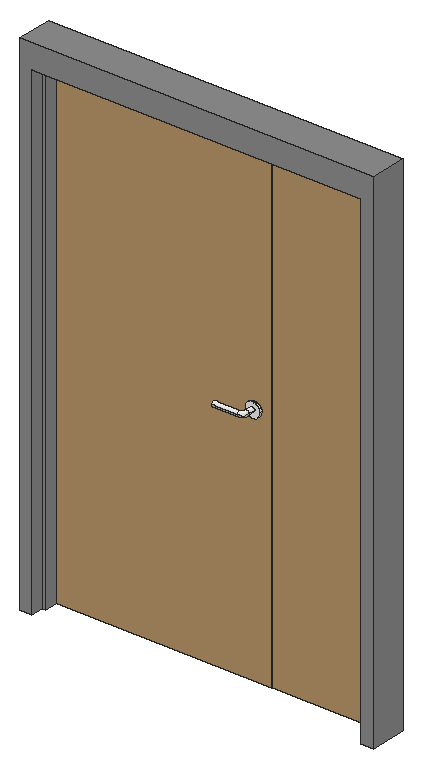
Revit family "M_Porta-Passagem-Irregular-Nivelada", category Portas, Revit 2019
Family settings
  Hospedeiro = Parede
  Número OmniClass = 23.30.10.00
  Título OmniClass = Doors
  Sempre na vertical = Sim
  Corte com vazios quando carregada = Não
  Compartilhado = Não
  Ponto de cálculo do ambiente = Não
Parameters (values of type "1350 x 2000mm")
  Painel com largura larga = 900 mm
  W = Largura - Painel com largura larga  # 450 mm
  Visual Light Transmittance = 0
  Espessura = 45 mm
  Resistência térmica (R) = 0.455703 (m²·K)/W
  Ângulo de abertura [instance] = 90.00°
  Altura do traçado = 1000 mm
  Solar Heat Gain Coefficient = 0
  Rough Width [instance] = Largura + Largura da abertura da moldura de alvenaria  # 1450 mm
  Rough Height [instance] = Altura + Altura da abertura da moldura de alvenaria  # 2100 mm
  Material do painel = Madeira - Bétula
  Moldura de alvenaria [instance] = yes
  Altura da abertura da moldura de alvenaria [instance] = if(Moldura de alvenaria, 100 mm, 30 mm)  # 100 mm
  Largura da abertura da moldura de alvenaria [instance] = if(Moldura de alvenaria, 100 mm, 60 mm)  # 100 mm
  Cálculo da inserção [instance] = if(Moldura de alvenaria, Inserção de alvenaria + 80 mm, 80 mm)  # 105 mm
  Inserção de alvenaria [instance] = 25 mm
  Altura = 2000 mm
  Fechamento da parede = Por hospedeiro
  Largura = 1350 mm
  Coeficiente de transferência de calor (U) = 2.19465 W/(m²·K)
  Função = Interior
  Material da moldura = Metal - Acabamento de pintura - Cinza
  Profundidade da moldura de alvenaria = 150 mm
  Moldura de Dry Wall [instance] = not(Moldura de alvenaria)  # no
  Material da maçaneta = Alumín. 1
  Código de montagem = "C1020300"
  Construção analítica = "Madeira"
Types (5, lengths in mm): name | W | Rough Width | Rough Height | Altura | Largura
  (no name) | 450 | 1450 | 2100 | 2000 | 1350
  1350 x 2000mm | 450 | 1450 | 2100 | 2000 | 1350
  1500 x 2000mm | 600 | 1600 | 2100 | 2000 | 1500
  1350 x 2100mm | 450 | 1450 | 2200 | 2100 | 1350
  1500 x 2100mm | 600 | 1600 | 2200 | 2100 | 1500
Reference planes
  plane 1 "Centro (Frente/Trás)": y = 0
  plane 2 "Centro (Esquerda/Direita)": x = 0
  plane 3 "Esquerda": x = -725
  plane 4 "Direita": x = 725
  plane 5 "Superior": z = 2100
  plane 6 "Exterior": y = 107.95
  plane 7 "Interior": y = -95.25
  plane 8 "Painel esquerdo da porta": x = -675
  plane 9 "Painel direito da porta": x = 675
  plane 10 "Topo do painel": z = 2000
  plane 11: z = 0
  plane 12: z = 0
  plane 13 "Traseira da porta": y = 37.95
  plane 14: z = 1000
  plane 15 "Frente da porta": y = 82.95
  plane 16: y = -67.05
  plane 17: y = 33.337
  plane 18: x = -659.125
  plane 19: y = -17.838
  plane 20: z = 2049.2
  plane 21: y = 187.95
  plane 22: z = 2050
  plane 23: x = 695.05
  plane 24: x = 744.05
  plane 25: y = 120.65
  plane 26: y = -107.95
  plane 27: x = 679.175
  plane 28: y = 33.187
  plane 29: y = -4.913
  plane 30: y = 63.625
  plane 31: y = 57.275
  plane 32: y = 60.45
  plane 33: x = 225
  plane 34: z = 1000
  plane 35: x = 98
Forms (mm)
  Extrusion 1, solid, material "Madeira - Bétula" <- "Material do painel"
    sketch origin (0, 0, 0) x (1, 0, 0) y (0, 0, 1)
      loop
        line (223.4, 2000) -> (-675, 2000) -> (-675, 0) -> (223.4, 0) -> (223.4, 2000)
    from -82.95 to -37.95
  Sweep 2, solid, material "Metal - Acabamento de pintura - Cinza" <- "Material da moldura", visible <- "Moldura de alvenaria"
    path origin (0, 107.95, 0) x (1, 0, 0) y (0, 0, 1)
      loop
        line (725, 0) -> (725, 2050) -> (-725, 2050) -> (-725, 0)
    profile origin (-725, 107.95, 1025) x (0, -1, 0) y (1, 0, 0)
      loop
        line (25, 50) -> (25, 0) -> (175, 0) -> (175, 50) -> (125.787, 50) -> (125.787, 65.875) -> (74.762, 65.875) -> (74.762, 50) -> (25, 50)
  Extrusion 3, solid, material "Metal - Acabamento de pintura - Cinza" <- "Material da moldura", visible <- "Moldura de alvenaria"
    sketch origin (0, 0, 0) x (0, 1, 0) y (0, 0, 1)
      loop
        line (82.95, 2100) -> (-67.05, 2100) -> (-67.05, 2049.2) -> (82.95, 2049.2) -> (82.95, 2100)
    from -725 to 725
  Sweep 4, solid, material "Metal - Acabamento de pintura - Cinza" <- "Material da moldura", visible <- "Moldura de Dry Wall"
    path origin (0, 107.95, 0) x (1, 0, 0) y (0, 0, 1)
      loop
        line (725, 0) -> (725, 2100) -> (-725, 2100) -> (-725, 0)
    profile origin (725, 107.95, 1050) x (-1, 0, 0) y (0, -1, 0)
      loop
        line (-19.05, -12.7) -> (29.95, -12.7) -> (29.95, 74.762) -> (45.825, 74.762) -> (45.825, 112.862) -> (29.95, 112.862) -> (29.95, 215.9) -> (-19.05, 215.9) -> (-19.05, 203.2) -> (0, 203.2) -> (0, 0) -> (-19.05, 0) -> (-19.05, -12.7)
  Extrusion 5, solid, material "Madeira - Bétula" <- "Material do painel"
    sketch origin (355.6, 0, 0) x (1, 0, 0) y (0, 0, 1)
      loop
        line (319.4, 2000) -> (-129, 2000) -> (-129, 0) -> (319.4, 0) -> (319.4, 2000)
    from -82.95 to -37.95
Cuts and joins
  joined: Sweep 2, Extrusion 3
Lines and regions (mm)
  Opening 1
    outline origin (-2286, -95.25, 0) x (1, 0, 0) y (0, 0, 1)
      loop
        line (1561, 0) -> (3011, 0) -> (3011, 2100) -> (1561, 2100) -> (1561, 0)
  Masking region 1, visible <- "Moldura de alvenaria", detail levels coarse+medium
    outline origin (0, 0, 0) x (1, 0, 0) y (0, 1, 0)
      loop
        line (-725, 82.95) -> (-725, -67.05) -> (-675, -67.05) -> (-675, 82.95) -> (-725, 82.95)
      loop
        line (725, 82.95) -> (675, 82.95) -> (675, -67.05) -> (725, -67.05) -> (725, 82.95)
  Masking region 2, visible <- "Moldura de alvenaria", detail levels fine
    outline origin (0, 0, 0) x (1, 0, 0) y (0, 1, 0)
      loop
        line (-725, 82.95) -> (-725, -67.05) -> (-675, -67.05) -> (-675, -17.837) -> (-659.125, -17.837) -> (-659.125, 33.188) -> (-675, 33.188) -> (-675, 82.95) -> (-725, 82.95)
      loop
        line (725, 82.95) -> (675, 82.95) -> (675, 33.188) -> (659.125, 33.188) -> (659.125, -17.837) -> (675, -17.837) -> (675, -67.05) -> (725, -67.05) -> (725, 82.95)
  Masking region 3, visible <- "Moldura de Dry Wall", detail levels coarse+medium
    outline origin (0, 0, 0) x (1, 0, 0) y (0, 1, 0)
      loop
        line (695.05, -95.25) -> (725, -95.25) -> (725, 107.95) -> (695.05, 107.95) -> (695.05, -95.25)
      loop
        line (-725, 107.95) -> (-725, -95.25) -> (-695.05, -95.25) -> (-695.05, 107.95) -> (-725, 107.95)
  Masking region 4, visible <- "Moldura de Dry Wall", detail levels fine
    outline origin (0, 0, 0) x (1, 0, 0) y (0, 1, 0)
      loop
        line (-744.05, 120.65) -> (-744.05, 107.95) -> (-725, 107.95) -> (-725, -95.25) -> (-744.05, -95.25) -> (-744.05, -107.95) -> (-695.05, -107.95) -> (-695.05, -4.913) -> (-679.175, -4.913) -> (-679.175, 33.187) -> (-695.05, 33.187) -> (-695.05, 120.65) -> (-744.05, 120.65)
      loop
        line (744.05, 107.95) -> (744.05, 120.65) -> (695.05, 120.65) -> (695.05, 33.187) -> (679.175, 33.187) -> (679.175, -4.913) -> (695.05, -4.913) -> (695.05, -107.95) -> (744.05, -107.95) -> (744.05, -95.25) -> (725, -95.25) -> (725, 107.95) -> (744.05, 107.95)
  symbolic lines, style "Giro da elevação"
    curve 1: line (-675, 107.95, 2000) -> (225, 107.95, 1000)
    curve 2: line (225, 107.95, 1000) -> (-675, 107.95, 0)
Text (mm)
  text "Exterior" at (-1904.17, 693.701, 0), in view "Nível de referência"
  text "Interior" at (-1904.17, -638.649, 0), in view "Nível de referência"
  text "Exterior" at (0, 1019.848, 3124.603), in view "Direita"
  text "Interior" at (0, -1635.541, 3124.603), in view "Direita"
  text "Interior" at (0, -787.806, 3124.376), in view "Esquerda"
  text "Exterior" at (0, 1386.095, 3124.376), in view "Esquerda"
Dimensions and locks
  equal spacing: plane 3 "Esquerda", plane 2 "Centro (Esquerda/Direita)", plane 4 "Direita"
  "Rough Height": level to plane 5 "Superior"
  equal spacing: plane 8 "Painel esquerdo da porta", plane 2 "Centro (Esquerda/Direita)", plane 9 "Painel direito da porta"
  "Largura": plane 8 "Painel esquerdo da porta" to plane 9 "Painel direito da porta"
  "Altura": level to plane 10 "Topo do painel"
  locked: plane 11 to plane 12 at 0
  "Rough Width": plane 3 "Esquerda" to plane 4 "Direita"
  "Espessura": plane 15 "Frente da porta" to plane 13 "Traseira da porta"
  "Profundidade da moldura de alvenaria": plane 15 "Frente da porta" to plane 16
  locked: plane 16 to plane 19 at 49.213
  locked: plane 8 "Painel esquerdo da porta" to plane 18 at 15.875
  locked: plane 20 to plane 5 "Superior" at 50.8
  locked: plane 6 "Exterior" to plane 21 at 80
  "Cálculo da inserção": plane 21 to plane 15 "Frente da porta"
  locked: plane 10 "Topo do painel" to plane 22 at 50
  locked: plane 4 "Direita" to plane 24 at 19.05
  locked: plane 6 "Exterior" to plane 25 at 12.7
  locked: plane 26 to plane 7 "Interior" at 12.7
  locked: plane 23 to plane 24 at 49
  plane 13 "Traseira da porta" to plane 28 to plane 29 = 4.763 mm locked, 38.1 mm locked
  locked: plane 27 to plane 23 at 15.875
  "Altura do traçado": plane 11 to plane 14
  equal spacing: plane 15 "Frente da porta", plane 32, plane 13 "Traseira da porta"
  locked: plane 32 to plane 31 at 3.175
  locked: plane 30 to plane 32 at 3.175
  "Painel com largura larga": plane 8 "Painel esquerdo da porta" to plane 33
  equal spacing: plane 12, plane 34, plane 10 "Topo do painel"
  locked: plane 35 to plane 33 at 127
  locked: plane 13 "Traseira da porta" to Sweep 2 sketch curve at 4.762
  locked: plane 33 to nested 3 at 75.406
  locked: nested 4 to plane 33 at 75.406
  locked: Extrusion 5 sketch curve to plane 33 at 1.6
  locked: plane 33 to Extrusion 1 sketch curve at 1.6
  aligned and locked: plane 3 "Esquerda" to Opening 1 sketch curve
  aligned and locked: plane 5 "Superior" to Opening 1 sketch curve  (x2)
  aligned and locked: Opening 1 sketch curve to plane 4 "Direita"
  aligned and locked: Opening 1 sketch curve to level
  aligned and locked: plane 6 "Exterior" to host wall
  aligned and locked: plane 7 "Interior" to host wall
  aligned and locked: plane 11 to level
  aligned and locked: Extrusion 1 sketch curve to plane 10 "Topo do painel"
  aligned and locked: Extrusion 1 sketch curve to plane 8 "Painel esquerdo da porta"
  aligned and locked: Extrusion 1 sketch curve to plane 12
  aligned and locked: Extrusion 1 to plane 13 "Traseira da porta"
  aligned and locked: nested 1 to plane 9 "Painel direito da porta"
  aligned and locked: nested 1 to plane 15 "Frente da porta"
  aligned and locked: nested 1 to Extrusion 1
  aligned and locked: Sweep 2 sketch curve to plane 3 "Esquerda"  (x2)
  aligned and locked: plane 11 to Sweep 2 sketch curve  (x2)
  aligned and locked: plane 18 to Sweep 2 sketch curve
  aligned and locked: plane 8 "Painel esquerdo da porta" to Sweep 2 sketch curve  (x2)
  aligned and locked: plane 19 to Sweep 2 sketch curve
  aligned and locked: Sweep 2 sketch curve to plane 16
  aligned and locked: Sweep 2 sketch curve to plane 15 "Frente da porta"
  aligned and locked: Sweep 2 sketch curve to plane 4 "Direita"
  aligned and locked: plane 5 "Superior" to Extrusion 3 sketch curve
  aligned and locked: Extrusion 3 sketch curve to plane 16
  aligned and locked: Extrusion 3 sketch curve to plane 15 "Frente da porta"
  aligned and locked: plane 20 to Extrusion 3 sketch curve
  aligned and locked: cut or joined group of Sweep 2, Extrusion 3 to plane 4 "Direita"
  aligned and locked: plane 3 "Esquerda" to cut or joined group of Sweep 2, Extrusion 3
  aligned and locked: Masking region 1 sketch curve to plane 15 "Frente da porta"  (x2)
  aligned and locked: plane 8 "Painel esquerdo da porta" to Masking region 1 sketch curve
  aligned and locked: Masking region 1 sketch curve to plane 16
  aligned and locked: Masking region 1 sketch curve to plane 3 "Esquerda"
  aligned and locked: Masking region 1 sketch curve to plane 4 "Direita"
  aligned and locked: plane 9 "Painel direito da porta" to Masking region 1 sketch curve
  aligned and locked: plane 16 to Masking region 1 sketch curve
  aligned and locked: Masking region 2 sketch curve to plane 3 "Esquerda"
  aligned and locked: Masking region 2 sketch curve to plane 16
  aligned and locked: plane 8 "Painel esquerdo da porta" to Masking region 2 sketch curve  (x2)
  aligned and locked: Masking region 2 sketch curve to plane 15 "Frente da porta"  (x2)
  aligned and locked: Masking region 2 sketch curve to cut or joined group of Sweep 2, Extrusion 3  (x4)
  aligned and locked: Masking region 2 sketch curve to plane 4 "Direita"
  aligned and locked: plane 9 "Painel direito da porta" to Masking region 2 sketch curve  (x2)
  aligned and locked: plane 16 to Masking region 2 sketch curve
  aligned and locked: cut or joined group of Sweep 2, Extrusion 3 to Masking region 2 sketch curve  (x2)
  aligned and locked: Sweep 2 sketch curve to plane 22
  aligned and locked: plane 4 "Direita" to Sweep 4 sketch curve
  aligned and locked: Sweep 4 sketch curve to plane 3 "Esquerda"
  aligned and locked: plane 24 to Sweep 4 sketch curve  (x2)
  aligned and locked: Sweep 4 sketch curve to plane 7 "Interior"
  aligned and locked: plane 26 to Sweep 4 sketch curve
  aligned and locked: Sweep 4 sketch curve to plane 23  (x2)
  aligned and locked: plane 29 to Sweep 4 sketch curve
  aligned and locked: plane 27 to Sweep 4 sketch curve
  aligned and locked: Sweep 4 sketch curve to plane 28
  aligned and locked: Sweep 4 sketch curve to plane 25
  aligned and locked: plane 6 "Exterior" to Sweep 4 sketch curve
  aligned and locked: Sweep 4 sketch curve to plane 4 "Direita"
  aligned and locked: plane 5 "Superior" to Sweep 4 sketch curve
  aligned and locked: Masking region 3 sketch curve to plane 6 "Exterior"
  aligned and locked: plane 7 "Interior" to Masking region 3 sketch curve
  aligned and locked: Masking region 3 sketch curve to plane 4 "Direita"
  aligned and locked: Masking region 3 sketch curve to Sweep 4  (x2)
  aligned and locked: plane 6 "Exterior" to Masking region 3 sketch curve
  aligned and locked: Masking region 3 sketch curve to plane 3 "Esquerda"
  aligned and locked: Masking region 3 sketch curve to plane 7 "Interior"
  aligned and locked: Masking region 4 sketch curve to plane 3 "Esquerda"
  aligned and locked: Masking region 4 sketch curve to Sweep 4  (x13)
  aligned and locked: Masking region 4 sketch curve to plane 6 "Exterior"
  aligned and locked: plane 7 "Interior" to Masking region 4 sketch curve
  aligned and locked: Masking region 4 sketch curve to plane 4 "Direita"
  aligned and locked: Masking region 4 sketch curve to plane 7 "Interior"
  aligned and locked: Sweep 4 to Masking region 4 sketch curve  (x5)
  aligned and locked: plane 6 "Exterior" to Masking region 4 sketch curve
  aligned and locked: plane 11 to Sweep 4 sketch curve  (x2)
  aligned and locked: plane 33 to curve 2
  aligned and locked: plane 34 to curve 2
  aligned and locked: plane 15 "Frente da porta" to nested 2
  aligned and locked: nested 2 to plane 8 "Painel esquerdo da porta"
  aligned and locked: Extrusion 5 to plane 13 "Traseira da porta"
  aligned and locked: plane 9 "Painel direito da porta" to Extrusion 5 sketch curve
  aligned and locked: Extrusion 5 sketch curve to plane 10 "Topo do painel"
  aligned and locked: Extrusion 5 sketch curve to plane 12
  aligned and locked: plane 14 to nested 3
  aligned and locked: nested 4 to plane 14
  aligned and locked: plane 13 "Traseira da porta" to nested 4  (x2)
  aligned and locked: plane 15 "Frente da porta" to nested 3
  aligned and locked: Extrusion 5 to plane 15 "Frente da porta"
Automatic sketch dimensions
  curve 2 to level = 0 mm
  plane 8 "Painel esquerdo da porta" to curve 2 = 0 mm
  plane 8 "Painel esquerdo da porta" to curve 1 = 0 mm
  curve 1 to plane 10 "Topo do painel" = 0 mm
Nested families
  nested 1: "Porta com abertura única" at (675, 82.95, 0), Ângulo de abertura <- "Ângulo de abertura", type "Único"
    with Abertura visível yes, Ângulo de abertura 90.00°, Ângulo real 90.00°, Largura 450 mm
  nested 2: "Porta com abertura única" at (-675, 82.95, 0) x (-1, 0, 0) z (0, 0, 1), Ângulo de abertura <- "Ângulo de abertura", type "Painel largo"
    with Abertura visível yes, Ângulo de abertura 90.00°, Ângulo real 90.00°
  nested 3: "M_Alavanca da maçaneta" at (374.603, 82.95, 1000) x (-1, 0, 0) z (0, 0, 1), type "Padrão", detail levels fine
  nested 4: "M_Alavanca da maçaneta" at (374.603, 37.95, 1000) x (-1, 0, 0) z (0, 0, 1), type "Padrão", detail levels fine
Definition of nested family "M_Alavanca da maçaneta"
  Parameters (values of type "Padrão")
    Material = none
    Distância Z da maçaneta = 0 mm
    Distância X da maçaneta = 75.009 mm
    Assembly Code = ""
    Analytic Construction = "<Nenhum>"
  Reference planes
    plane 1 "Centro (Frente/Trás)": y = 0
    plane 2: z = 0
    plane 3 "Centro (Esquerda/Direita)": x = 150
    plane 4: z = 0
    plane 5 "Maçaneta C/L": x = 225.009
  Forms (mm)
    Extrusion 1, solid, material <- "Material"
      sketch origin (300, 0, 0) x (1, 0, 0) y (0, 0, -1)
        loop
          circle (-77.491, 0) r 30
      from 0 to 8
    Sweep 2, solid, material <- "Material"
      path origin (0, 0, 0) x (0, -1, 0) y (1, 0, 0)
        loop
          line (-8, 225.009) -> (-38, 225.009)
          arc (-38, 225.009) -> (-48.607, 229.403) -> (-53, 240.009) r 15
          line (-53, 240.009) -> (-53, 345.009)
      profile origin (225.009, 23, 0) x (1, 0, 0) y (0, 0, 1)
        loop
          circle (0, 0) r 10
  Dimensions and locks
    "Distância Z da maçaneta": plane 4 to level
    Sweep 2 sketch curve to Sweep 2 sketch curve = 105 mm
    "Distância X da maçaneta": plane 5 "Maçaneta C/L" to plane 3 "Centro (Esquerda/Direita)"
    plane 5 "Maçaneta C/L" to Sweep 2 sketch curve = 120 mm
    aligned and locked: plane 4 to Extrusion 1 sketch curve
  Automatic sketch dimensions
    Sweep 2 sketch curve to profile plane = 0 mm  (x2)
    Sweep 2 sketch curve to plane 5 "Maçaneta C/L" = 0 mm
    Sweep 2 sketch curve to plane 1 "Centro (Frente/Trás)" = 53 mm
    Sweep 2 sketch curve to plane 1 "Centro (Frente/Trás)" = 8 mm
    Extrusion 1 sketch curve to plane 5 "Maçaneta C/L" = 2.5 mm
    radius of Sweep 2 sketch curve = 10 mm
    radius of Extrusion 1 sketch curve = 30 mm
Definition of nested family "Porta com abertura única"
  Parameters (values of type "Único")
    Width = 900 mm
    Thickness = 45 mm
    Abertura visível [instance] = Ângulo de abertura > 1.00°  # yes
    Ângulo de abertura [instance] = 45.00°
    Assembly Code = ""
    Analytic Construction = "<Nenhum>"
    Ângulo real [instance] = if(Ângulo de abertura < 1.00°, 1.00°, Ângulo de abertura)  # 45.00°
  Reference planes
    plane 1 "Centro (Frente/Trás)": y = 0
    plane 2: z = 0
    plane 3 "Centro (Esquerda/Direita)": x = 0
    plane 4: x = -900
  Lines and regions (mm)
    Masking region 1
      outline origin (0, 0, 0) x (-0.707107, 0.707107, 0) y (-0.707107, -0.707107, 0)
        loop
          line (0, 0) -> (900, 0) -> (900, 45) -> (0, 45) -> (0, 0)
    symbolic lines
      curve 1: line (0, 0, 0) -> (-900, 0, 0)
    symbolic lines, visible <- "Abertura visível"
      curve 2: arc (-900, 0, 0) -> (-831.492, 344.415, 0) -> (-636.396, 636.396, 0) r 900
    reference lines
      curve 3: line (0, 0, 0) -> (-636.396, 636.396, 0)
    model lines
      curve 4: line (0, 0, 0) -> (0, 0, 25.4)
  Dimensions and locks
    "Width": plane 4 to plane 3 "Centro (Esquerda/Direita)"
    locked: curve 2 to plane 3 "Centro (Esquerda/Direita)"
    locked: curve 2 to plane 1 "Centro (Frente/Trás)"
    "Width": curve 3 to curve 3
    "Thickness": Masking region 1 sketch curve to Masking region 1 sketch curve
    locked: curve 4 to plane 2 at 25.4
    "Width": radius of curve 2
    "Ângulo real": angle curve 2 to curve 2
    "Ângulo de abertura": angle curve 3 to plane 1 "Centro (Frente/Trás)"
    aligned and locked: curve 1 to plane 1 "Centro (Frente/Trás)"
    aligned and locked: plane 3 "Centro (Esquerda/Direita)" to curve 1
    aligned and locked: plane 3 "Centro (Esquerda/Direita)" to curve 3
    aligned and locked: plane 1 "Centro (Frente/Trás)" to curve 3
    aligned and locked: curve 3 to Masking region 1 sketch curve
    aligned and locked: Masking region 1 sketch curve to curve 3  (x2)
    aligned and locked: plane 3 "Centro (Esquerda/Direita)" to curve 4
    aligned and locked: plane 2 to curve 4
